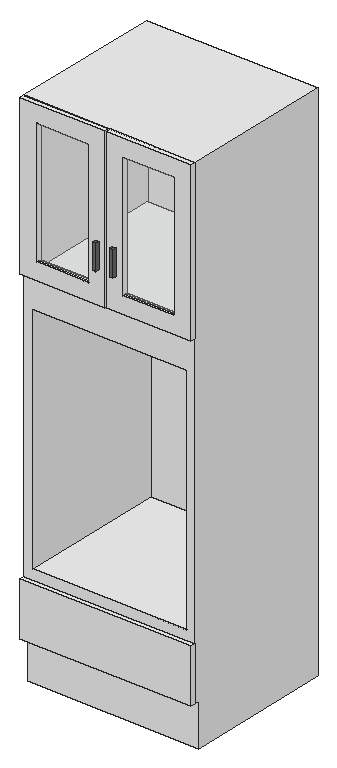
Revit family "M_Armário alto-2 Portas-Embutido", category Componentes de gabinete, Revit 2019
Family settings
  Número OmniClass = 23.40.35.17.47.11
  Título OmniClass = Kitchen Casework
  ID de item do Seek = Tall Cabinet-2 Door-Built in-0000-CAN-ENU
  Com base no plano de trabalho = Não
  Sempre na vertical = Sim
  Corte com vazios quando carregada = Não
  Compartilhado = Não
  Ponto de cálculo do ambiente = Não
Parameters (values of type "650mm")
  Altura = 2000 mm
  Material do armário = none
  Linear = 600 mm
  Material da porta/gaveta = none
  Material do puxador = Armários - Puxadores
  Base da altura do embutido = 400 mm
  Altura embutida = 885 mm
  Altura do armário superior = 600 mm
  Painéis = Armários - Painel/Vidro
  Profundidade da plataforma = 35 mm
  Altura do plinto = 160 mm
  Type Comments = ""
  Largura = 650 mm
Reference planes
  plane 1 "Parte posterior": y = 0
  plane 2: z = 0
  plane 3 "Centro": x = 18.738
  plane 4 "Esquerda": x = -306.262
  plane 5 "Direita": x = 343.738
  plane 6 "Parte frontal": y = -600
  plane 7 "Superior": z = 2000
  plane 8: y = -565
  plane 9: z = 160
  plane 10: z = 1700
  plane 11: z = 1400
  plane 12 "Topo do eletrodoméstico": z = 1285
  plane 13: z = 400
Forms (mm)
  Extrusion 1, solid, material "Armários"
    sketch origin (0, -600, 0) x (1, 0, 0) y (0, 0, 1)
      loop
        line (-306.262, 160) -> (343.738, 160) -> (343.738, 2000) -> (-306.262, 2000) -> (-306.262, 160)
      loop
        line (-287.212, 1980.95) -> (-287.212, 179.05) -> (324.688, 179.05) -> (324.688, 1980.95) -> (-287.212, 1980.95)
    from -19.05 to -600
  Extrusion 2, solid, material "Armários"
    sketch origin (0, 0, 0) x (1, 0, 0) y (0, 0, 1)
      loop
        line (-287.212, 1980.95) -> (-287.212, 179.05) -> (324.688, 179.05) -> (324.688, 1980.95) -> (-287.212, 1980.95)
    from 0 to 19.05
  Extrusion 3, solid, material <- "Material da porta/gaveta"
    sketch origin (0, -600, 0) x (1, 0, 0) y (0, 0, 1)
      loop
        line (-306.262, 2000) -> (-306.262, 1400) -> (15.563, 1400) -> (15.563, 2000) -> (-306.262, 2000)
      loop
        line (343.738, 2000) -> (21.913, 2000) -> (21.913, 1400) -> (343.738, 1400) -> (343.738, 2000)
      loop
        line (-242.762, 1936.5) -> (-242.762, 1463.5) -> (-44.762, 1463.5) -> (-44.762, 1936.5) -> (-242.762, 1936.5)
      loop
        line (82.238, 1936.5) -> (82.238, 1463.5) -> (280.238, 1463.5) -> (280.238, 1936.5) -> (82.238, 1936.5)
      loop
        line (-306.262, 363.2) -> (-306.262, 160) -> (343.738, 160) -> (343.738, 363.2) -> (-306.262, 363.2)
    from 0 to -19.05
  Extrusion 4, solid, material "Armários"
    sketch origin (0, -600, 0) x (1, 0, 0) y (0, 0, 1)
      loop
        line (-287.212, 1400) -> (-287.212, 179.05) -> (324.688, 179.05) -> (324.688, 1400) -> (-287.212, 1400)
      loop
        line (-274.512, 400) -> (311.988, 400) -> (311.988, 1285) -> (-274.512, 1285) -> (-274.512, 400)
    from -19.05 to -580.95
  Extrusion 5, solid, material "Armários"
    sketch origin (0, -600, 0) x (1, 0, 0) y (0, 0, 1)
      loop
        line (343.738, 160) -> (343.738, 363.2) -> (-306.262, 363.2) -> (-306.262, 160) -> (343.738, 160)
    from 0 to -19.05
  Extrusion 6, solid, material "Armários"
    sketch origin (0, 0, 0) x (1, 0, 0) y (0, 1, 0)
      loop
        line (-306.262, 0) -> (-306.262, -565) -> (343.738, -565) -> (343.738, 0) -> (-306.262, 0)
    from 0 to 160
  Extrusion 7, solid, material "Armários - Painel/Vidro" <- "Painéis"
    sketch origin (0, -600, 0) x (1, 0, 0) y (0, 0, 1)
      loop
        line (-242.762, 1936.5) -> (-242.762, 1463.5) -> (-44.762, 1463.5) -> (-44.762, 1936.5) -> (-242.762, 1936.5)
      loop
        line (82.238, 1936.5) -> (82.238, 1463.5) -> (280.238, 1463.5) -> (280.238, 1936.5) -> (82.238, 1936.5)
    from -6.35 to -12.7
  Extrusion 8, solid, material "Armários - Puxadores" <- "Material do puxador"
    sketch origin (0, -600, 0) x (1, 0, 0) y (0, 0, 1)
      loop
        line (-19.195, 1616.854) -> (-19.195, 1520.054) -> (-6.662, 1520.054) -> (-6.662, 1616.854) -> (-19.195, 1616.854)
      loop
        line (44.138, 1616.854) -> (44.138, 1520.054) -> (56.67, 1520.054) -> (56.67, 1616.854) -> (44.138, 1616.854)
    from 0 to 12.7
Cuts and joins
  joined: Extrusion 1, Extrusion 4, Extrusion 6
Lines and regions (mm)
  Masking region 1
    outline origin (0, 0, 1285) x (-1, 0, 0) y (0, -1, 0)
      loop
        line (306.262, 0) -> (306.262, 600) -> (-343.738, 600) -> (-343.738, 0) -> (306.262, 0)
  model lines, detail levels medium+fine
    curve 1: line (280.238, -600, 1936.5) -> (280.238, -600, 1463.5)
    curve 2: line (82.238, -600, 1936.5) -> (280.238, -600, 1936.5)
    curve 3: line (82.238, -600, 1463.5) -> (82.238, -600, 1936.5)
    curve 4: line (-44.762, -600, 1936.5) -> (-44.762, -600, 1463.5)
    curve 5: line (-242.762, -600, 1936.5) -> (-44.762, -600, 1936.5)
    curve 6: line (-242.762, -600, 1463.5) -> (-242.762, -600, 1936.5)
    curve 16: line (-242.762, -600, 1463.5) -> (-44.762, -600, 1463.5)
    curve 17: line (280.238, -600, 1463.5) -> (82.238, -600, 1463.5)
  model lines
    curve 7: line (44.138, -600, 1616.854) -> (56.67, -600, 1616.854)
    curve 8: line (44.138, -600, 1515.254) -> (44.138, -600, 1616.854)
    curve 9: line (56.67, -600, 1515.254) -> (44.138, -600, 1515.254)
    curve 10: line (56.67, -600, 1616.854) -> (56.67, -600, 1515.254)
    curve 11: line (-6.662, -600, 1616.854) -> (-19.195, -600, 1616.854)
    curve 12: line (-6.662, -600, 1515.254) -> (-6.662, -600, 1616.854)
    curve 13: line (-19.195, -600, 1515.254) -> (-6.662, -600, 1515.254)
    curve 14: line (-19.195, -600, 1616.854) -> (-19.195, -600, 1515.254)
    curve 15: line (18.738, -600, 2000) -> (18.738, -600, 1400)
    curve 18: line (-287.212, -600, 179.05) -> (324.688, -600, 179.05)
    curve 19: line (-287.212, -600, 341.961) -> (-287.212, -600, 179.05)
    curve 20: line (324.688, -600, 341.961) -> (-287.212, -600, 341.961)
    curve 21: line (324.688, -600, 179.05) -> (324.688, -600, 341.961)
  symbolic lines, style "Giro da elevação"
    curve 22: line (15.563, 0, 2000) -> (-306.262, 0, 1700)
    curve 23: line (-306.262, 0, 1700) -> (15.563, 0, 1400)
    curve 24: line (21.913, 0, 1400) -> (343.738, 0, 1700)
    curve 25: line (343.738, 0, 1700) -> (21.913, 0, 2000)
Dimensions and locks
  "Linear": plane 6 "Parte frontal" to plane 1 "Parte posterior"
  "Largura": plane 4 "Esquerda" to plane 5 "Direita"
  equal spacing: plane 4 "Esquerda", plane 3 "Centro", plane 5 "Direita"
  "Altura": plane 2 to plane 7 "Superior"
  "Altura do plinto": plane 2 to plane 9
  "Profundidade da plataforma": plane 6 "Parte frontal" to plane 8
  "Base da altura do embutido": Extrusion 4 sketch curve to plane 2
  "Altura embutida": Extrusion 4 sketch curve to Extrusion 4 sketch curve
  equal spacing: plane 7 "Superior", plane 10, plane 11
  "Altura do armário superior": plane 7 "Superior" to plane 11
  locked: Extrusion 5 to curve 20 at 21.239
  "Altura embutida": plane 12 "Topo do eletrodoméstico" to plane 13
  locked: plane 2 to level at 0
  "Base da altura do embutido": plane 13 to plane 2
  aligned and locked: Extrusion 1 to plane 1 "Parte posterior"
  aligned and locked: Extrusion 1 to Extrusion 3
  aligned and locked: Extrusion 4 to Extrusion 2
  aligned and locked: Extrusion 4 sketch curve to plane 11
  aligned and locked: curve 16 to curve 17
  aligned and locked: Extrusion 6 to plane 9
  aligned and locked: plane 12 "Topo do eletrodoméstico" to Extrusion 4
  aligned and locked: plane 5 "Direita" to Masking region 1 sketch curve
  aligned and locked: plane 1 "Parte posterior" to Masking region 1 sketch curve
  aligned and locked: Masking region 1 sketch curve to plane 4 "Esquerda"
  aligned and locked: Masking region 1 sketch curve to plane 6 "Parte frontal"
Automatic sketch dimensions
  Extrusion 1 sketch curve to plane 4 "Esquerda" = 0 mm
  Extrusion 1 sketch curve to plane 5 "Direita" = 0 mm
  Extrusion 1 sketch curve to plane 9 = 0 mm
  Extrusion 1 sketch curve to plane 7 "Superior" = 0 mm
  Extrusion 1 sketch curve to plane 4 "Esquerda" = 19.05 mm
  plane 5 "Direita" to Extrusion 1 sketch curve = 19.05 mm
  Extrusion 1 sketch curve to Extrusion 1 sketch curve = 19.05 mm
  plane 7 "Superior" to Extrusion 1 sketch curve = 19.05 mm
  Extrusion 2 sketch curve to plane 4 "Esquerda" = 19.05 mm
  plane 5 "Direita" to Extrusion 2 sketch curve = 19.05 mm
  Extrusion 2 sketch curve to plane 9 = 19.05 mm
  plane 7 "Superior" to Extrusion 2 sketch curve = 19.05 mm
  Extrusion 4 sketch curve to plane 4 "Esquerda" = 19.05 mm
  plane 5 "Direita" to Extrusion 4 sketch curve = 19.05 mm
  Extrusion 4 sketch curve to plane 9 = 19.05 mm
  Extrusion 4 sketch curve to Extrusion 4 sketch curve = 12.7 mm
  plane 5 "Direita" to Extrusion 4 sketch curve = 31.75 mm
  Extrusion 5 sketch curve to plane 4 "Esquerda" = 0 mm
  Extrusion 5 sketch curve to plane 5 "Direita" = 0 mm
  Extrusion 5 sketch curve to plane 9 = 0 mm
  Extrusion 5 sketch curve to Extrusion 5 sketch curve = 203.2 mm
  Extrusion 6 sketch curve to plane 4 "Esquerda" = 0 mm
  Extrusion 6 sketch curve to plane 5 "Direita" = 0 mm
  Extrusion 6 sketch curve to plane 8 = 0 mm
  Extrusion 6 sketch curve to plane 1 "Parte posterior" = 0 mm
  Extrusion 7 sketch curve to plane 4 "Esquerda" = 63.5 mm
  plane 3 "Centro" to Extrusion 7 sketch curve = 63.5 mm
  Extrusion 7 sketch curve to plane 3 "Centro" = 63.5 mm
  plane 5 "Direita" to Extrusion 7 sketch curve = 63.5 mm
  plane 11 to Extrusion 7 sketch curve = 63.5 mm  (x2)
  plane 7 "Superior" to Extrusion 7 sketch curve = 63.5 mm  (x2)
  Extrusion 3 sketch curve to plane 4 "Esquerda" = 0 mm  (x2)
  Extrusion 3 sketch curve to plane 11 = 0 mm  (x2)
  Extrusion 3 sketch curve to plane 7 "Superior" = 0 mm  (x2)
  Extrusion 3 sketch curve to plane 5 "Direita" = 0 mm  (x2)
  Extrusion 3 sketch curve to plane 9 = 0 mm
  Extrusion 3 sketch curve to plane 4 "Esquerda" = 63.5 mm
  plane 3 "Centro" to Extrusion 3 sketch curve = 63.5 mm
  plane 3 "Centro" to Extrusion 3 sketch curve = 3.175 mm
  Extrusion 3 sketch curve to plane 3 "Centro" = 3.175 mm
  Extrusion 3 sketch curve to plane 3 "Centro" = 63.5 mm
  plane 5 "Direita" to Extrusion 3 sketch curve = 63.5 mm
  Extrusion 3 sketch curve to Extrusion 3 sketch curve = 203.2 mm
  plane 11 to Extrusion 3 sketch curve = 63.5 mm  (x2)
  plane 7 "Superior" to Extrusion 3 sketch curve = 63.5 mm  (x2)
  plane 3 "Centro" to Extrusion 8 sketch curve = 37.932 mm
  Extrusion 8 sketch curve to Extrusion 8 sketch curve = 12.532 mm  (x2)
  Extrusion 8 sketch curve to plane 3 "Centro" = 25.4 mm
  plane 11 to Extrusion 8 sketch curve = 120.054 mm
  Extrusion 8 sketch curve to Extrusion 8 sketch curve = 0 mm  (x2)
  Extrusion 8 sketch curve to plane 10 = 83.146 mm
  curve 24 to plane 5 "Direita" = 0 mm
  curve 25 to plane 7 "Superior" = 0 mm
  curve 24 to plane 11 = 0 mm
  curve 15 to plane 3 "Centro" = 0 mm
  curve 22 to plane 7 "Superior" = 0 mm
  curve 23 to plane 11 = 0 mm
  curve 23 to plane 4 "Esquerda" = 0 mm
  curve 15 to plane 7 "Superior" = 0 mm
  curve 24 to plane 10 = 0 mm
  curve 22 to plane 10 = 0 mm
  curve 15 to plane 11 = 0 mm
  plane 5 "Direita" to curve 20 = 19.05 mm
  plane 5 "Direita" to curve 1 = 63.5 mm
  curve 3 to plane 3 "Centro" = 63.5 mm
  curve 7 to plane 3 "Centro" = 37.932 mm
  curve 9 to curve 9 = 12.532 mm
  curve 25 to plane 3 "Centro" = 3.175 mm
  curve 24 to plane 3 "Centro" = 3.175 mm
  curve 15 to curve 22 = 3.175 mm
  curve 15 to curve 23 = 3.175 mm
  plane 3 "Centro" to curve 11 = 25.4 mm
  curve 11 to curve 11 = 12.532 mm
  curve 13 to curve 16 = 25.568 mm
  curve 6 to plane 4 "Esquerda" = 63.5 mm
  curve 20 to plane 4 "Esquerda" = 19.05 mm
  plane 7 "Superior" to curve 2 = 63.5 mm
  plane 7 "Superior" to curve 4 = 63.5 mm
  curve 7 to plane 10 = 83.146 mm
  curve 11 to curve 7 = 0 mm
  curve 7 to curve 10 = 101.6 mm
  curve 12 to curve 8 = 0 mm
  curve 13 to curve 16 = 51.754 mm
  curve 19 to plane 9 = 19.05 mm
